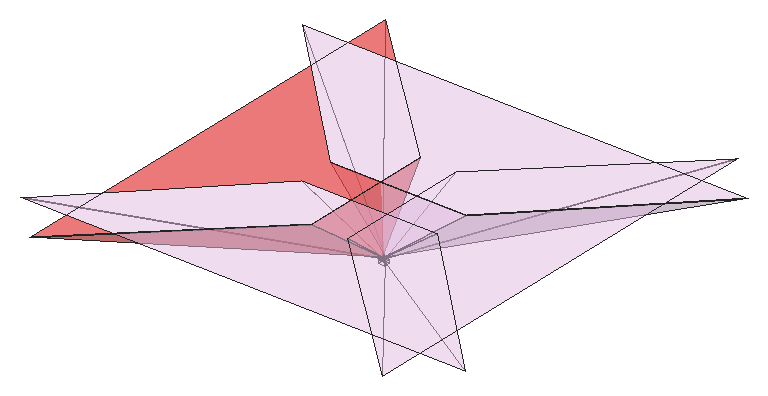
Revit family "Camera-Security-iPRO-FixedDome-Outdoor-MultiSensor-4x4K-Vandal_Resistant-Weatherproof-Network-S8574SeriesX", category Security Devices, host Face, Revit 2020
Family settings
  Host = Face
  Maintain Annotation Orientation = No
  Round Connector Dimension = Use Diameter
  Part Type = Normal
  OmniClass Number = 23.85.10.14.11
  OmniClass Title = Cameras
  Cut with Voids When Loaded = No
  Shared = No
  Room Calculation Point = No
Parameters (values of type "WV-S8574L")
  Yawing Range for each Sensor = "-90 to +90"  # constant formula
  Wide Dynamic Range = (1 = 1)  # yes
  Water and Dust Resistance = "IP67/IP66 (IEC 60529), Type 4X (UL50E), NEMA 4X compliant"  # constant formula
  Voltage = 54 V  # constant formula
  Tilting Range = "+10 to +105"  # constant formula
  Shock Resistance = "IK10 (IEC 62262)"  # constant formula
  SDXC SDHC SD Memory Card Slot = (1 = 1)  # yes
  Power Supply Type = "PoE+"  # constant formula
  Panning Range for each Sensor = "-30 to +30"  # constant formula
  Mobile Terminal Compatibility = "iPad, iPhone, Android™ terminals"  # constant formula
  Dome Cover Ring Material [instance] = Plastic, Opaque Black
  Ceiling Floor Distance Offset [instance] = if(and(On Ceiling, not(On Wall)), z Camera Bottom Vertical Offset, if(and(not(On Ceiling), On Wall), 6.3189", z Camera Bottom Vertical Offset))  # 0.000"
  Camera Type = 8574
  C4 z Yaw Actual Safe [instance] = if(C4 Yaw Actual = -180.00°, 180.00°, C4 Yaw Actual)  # 0.00°
  C4 z Yaw Actual [instance] = if(z Direction = 0, 180.00°, 0.00°)  # 180.00°
  C4 z Tilt Actual [instance] = C4 Tilt Actual  # 45.00°
  C4 z Pan Actual Safe [instance] = if(C4 Pan Actual = -180.00°, 180.00°, C4 Pan Actual)  # 0.00°
  C4 z Pan Actual [instance] = C4 Pan Actual  # 0.00°
  C4 Yaw Desired [instance] = 0.00°
  C4 Yaw Actual [instance] = if(C4 Yaw Desired > C1234 Yaw Max, C1234 Yaw Max, if(C4 Yaw Desired < C1234 Yaw Min, C1234 Yaw Min, C4 Yaw Desired))  # 0.00°
  C4 Tilt Desired [instance] = 45.00°
  C4 Tilt Actual [instance] = if(C4 Tilt Desired > C1234 Tilt Max, C1234 Tilt Max, if(C4 Tilt Desired < C1234 Tilt Min, C1234 Tilt Min, C4 Tilt Desired))  # 45.00°
  C4 Pan Desired [instance] = 0.00°
  C4 Pan Actual [instance] = if(C4 Pan Desired > C1234 Pan Max, C1234 Pan Max, if(C4 Pan Desired < C1234 Pan Min, C1234 Pan Min, C4 Pan Desired))  # 0.00°
  C3 z Yaw Actual Safe [instance] = if(C3 Yaw Actual = -180.00°, 180.00°, C3 Yaw Actual)  # 0.00°
  C3 z Yaw Actual [instance] = if(z Direction = 0, 180.00°, 0.00°)  # 180.00°
  C3 z Tilt Actual [instance] = C3 Tilt Actual  # 45.00°
  C3 z Pan Actual Safe [instance] = if(C3 Pan Actual = -180.00°, 180.00°, C3 Pan Actual)  # 0.00°
  C3 z Pan Actual [instance] = C3 Pan Actual  # 0.00°
  C3 Yaw Desired [instance] = 0.00°
  C3 Yaw Actual [instance] = if(C3 Yaw Desired > C1234 Yaw Max, C1234 Yaw Max, if(C3 Yaw Desired < C1234 Yaw Min, C1234 Yaw Min, C3 Yaw Desired))  # 0.00°
  C3 Tilt Desired [instance] = 45.00°
  C3 Tilt Actual [instance] = if(C3 Tilt Desired > C1234 Tilt Max, C1234 Tilt Max, if(C3 Tilt Desired < C1234 Tilt Min, C1234 Tilt Min, C3 Tilt Desired))  # 45.00°
  C3 Pan Desired [instance] = 0.00°
  C3 Pan Actual [instance] = if(C3 Pan Desired > C1234 Pan Max, C1234 Pan Max, if(C3 Pan Desired < C1234 Pan Min, C1234 Pan Min, C3 Pan Desired))  # 0.00°
  C2 z Yaw Actual Safe [instance] = if(C2 Yaw Actual = -180.00°, 180.00°, C2 Yaw Actual)  # 0.00°
  C2 z Yaw Actual [instance] = if(z Direction = 0, 180.00°, 0.00°)  # 180.00°
  C2 z Tilt Actual [instance] = C2 Tilt Actual  # 45.00°
  C2 z Pan Actual Safe [instance] = if(C2 Pan Actual = -180.00°, 180.00°, C2 Pan Actual)  # 0.00°
  C2 z Pan Actual [instance] = C2 Pan Actual  # 0.00°
  C2 Yaw Desired [instance] = 0.00°
  C2 Yaw Actual [instance] = if(C2 Yaw Desired > C1234 Yaw Max, C1234 Yaw Max, if(C2 Yaw Desired < C1234 Yaw Min, C1234 Yaw Min, C2 Yaw Desired))  # 0.00°
  C2 Tilt Desired [instance] = 45.00°
  C2 Tilt Actual [instance] = if(C2 Tilt Desired > C1234 Tilt Max, C1234 Tilt Max, if(C2 Tilt Desired < C1234 Tilt Min, C1234 Tilt Min, C2 Tilt Desired))  # 45.00°
  C2 Pan Desired [instance] = 0.00°
  C2 Pan Actual [instance] = if(C2 Pan Desired > C1234 Pan Max, C1234 Pan Max, if(C2 Pan Desired < C1234 Pan Min, C1234 Pan Min, C2 Pan Desired))  # 0.00°
  C1234 VV Horizontal Offset = 2.61811"  # constant formula
  C1234 VV Viewpoint Depth = 1.15354"  # constant formula
  C1 Yaw Desired [instance] = 0.00°
  C1 Yaw Actual [instance] = if(C1 Yaw Desired > C1234 Yaw Max, C1234 Yaw Max, if(C1 Yaw Desired < C1234 Yaw Min, C1234 Yaw Min, C1 Yaw Desired))  # 0.00°
  C1234 VV Origin Height [instance] = 2.13386"  # constant formula
  C1 z Yaw Actual Safe [instance] = if(C1 Yaw Actual = -180.00°, 180.00°, C1 Yaw Actual)  # 0.00°
  C1 z Tilt Actual [instance] = C1 Tilt Actual  # 45.00°
  C1 z Pan Actual Safe [instance] = if(C1 Pan Actual = -180.00°, 180.00°, C1 Pan Actual)  # 0.00°
  C1 z Pan Actual [instance] = C1 Pan Actual  # 0.00°
  C1234 HFOV Ratio [instance] = if(Camera Type = 8530, (C1234 Horizontal FOV Actual - C1234 Horizontal FOV Min) / (C1234 Horizontal FOV Max - C1234 Horizontal FOV Min), 1)  # 1
  z Direction [instance] = if((if(On Wall, 1, 0) + if(On Ceiling, 1, 0)) = 1, if(On Ceiling, 0, 1), 0)  # 0
  z Camera Tilt Angle [instance] = 0.00°  # constant formula
  z Camera Tilt Handle Length = 2.75591"
  z Camera Pan Handle Length = 7.87402"
  z Camera Pan Axis Length = 3.93701"
  C1234 Yaw Min = -90.00°  # constant formula
  C1234 Yaw Max = 90.00°  # constant formula
  Wall Bracket Visible [instance] = (1 = 0)  # no
  Dome Material [instance] = Glass - i-Pro  Black
  Camera Pan Angle = 0.00°
  z Camera Bottom Vertical Offset [instance] = if(and(On Ceiling, not(Has Base Bracket), not(On Wall)), 0.000", if(and(On Ceiling, Has Base Bracket, not(On Wall)), 0.59055", if(and(not(On Ceiling), On Wall), 9.44882", 0.000")))  # 0.000"
  z Camera Bottom Horizontal Offset [instance] = if(and(On Wall, not(On Ceiling)), 6.3189", 0.000")  # 0.000"
  z Base Height = 0.59055"  # constant formula
  C1 z Yaw Actual [instance] = if(z Direction = 0, 180.00°, 0.00°)  # 180.00°
  Weight = 7.28 lbf  # constant formula
  C1234 Vertical FOV Min [instance] = C1234 Vertical FOV Max  # 56.00°
  C1234 Vertical FOV Max [instance] = 56.00°  # constant formula
  C1234 Vertical FOV Actual [instance] = C1234 HFOV Ratio * (C1234 Vertical FOV Max - C1234 Vertical FOV Min) + C1234 Vertical FOV Min  # 56.00°
  URL = "https://i-pro.com/corp/en/"
  C1234 Tilt Min = 10.00°  # constant formula
  C1234 Tilt Max = 105.00°  # constant formula
  C1 Tilt Desired [instance] = 45.00°
  C1 Tilt Actual [instance] = if(C1 Tilt Desired > C1234 Tilt Max, C1234 Tilt Max, if(C1 Tilt Desired < C1234 Tilt Min, C1234 Tilt Min, C1 Tilt Desired))  # 45.00°
  Storage Temperature = Operational Temperature  # "–40 °C to +60 °C7 {–40 °F to 140 °F}"
  Show View Volume [instance] = yes
  Regulatory Compliance = "UL (UL62368-1), c-UL (CSA C22.2 No.62368-1), CE, IEC62368-1, FCC (Part15 ClassA), ICES-003 ClassA, EN55032 ClassA, EN55024"  # constant formula
  Provide Feedback = "https://i-pro.com/corp/en/contact-list/"
  Product Page URL = "https://i-pro.com/global/en/surveillance/products/wv-s8574l"
  Product Material [instance] = Paint - i-Pro White
  Product Documentation Link = "https://bizpartner.panasonic.net/public/ppr/product/11830?accordion_tab=1140"
  Power Active = 25.4 W  # constant formula
  Part Number = Model  # "WV-S8574L"
  Part Description = Description  # "Security Camera, Dome, Vandal Resistant, Waterproof Network, 4 x 4K Ultra HD Multi-Sensor, WV-S8574L"
  C1234 Pan Min = -30.00°  # constant formula
  C1234 Pan Max = 30.00°  # constant formula
  C1 Pan Desired [instance] = 0.00°
  C1 Pan Actual [instance] = if(C1 Pan Desired > C1234 Pan Max, C1234 Pan Max, if(C1 Pan Desired < C1234 Pan Min, C1234 Pan Min, C1 Pan Desired))  # 0.00°
  Original Creation Date = "2022/07/28"  # constant formula
  Operational Temperature = "–40 °C to +60 °C7 {–40 °F to 140 °F}"  # constant formula
  Operational Humidity = "10 to 100 % (no condensation)"  # constant formula
  On Wall [instance] = not(On Ceiling)  # no
  On Ceiling [instance] = (1 = 1)  # yes
  Mounting Positions = "Mount Dependent or Surface Mount"  # constant formula
  Model Disclaimer = "Contact i-PRO for more information"  # constant formula
  Model = "WV-S8574L"
  Minimum Illumination = 0.084 lx  # constant formula
  Manufacturer = "i-PRO Co., Ltd."  # constant formula
  Indoor Or Outdoor = "Outdoor"  # constant formula
  IP Or Analog = "IP"  # constant formula
  C1234 Horizontal FOV Min [instance] = C1234 Horizontal FOV Max  # 108.00°
  C1234 Horizontal FOV Max [instance] = 108.00°  # constant formula
  C1234 Horizontal FOV Actual [instance] = 108.00°  # constant formula
  Height = 3.54331"  # constant formula
  Has POE = (1 = 1)  # yes
  Has Base Bracket [instance] = no
  Family Version = "1.0.0"  # constant formula
  Equipment Number [instance] = ""
  Equipment Abbreviation = "SC"  # constant formula
  Distance to Screen [instance] = 393.70079"
  Distance to Floor [instance] = 118.11024"
  Distance to Ceiling [instance] = 0.000"
  Diameter = 11.81102"  # constant formula
  Description = "Security Camera, Dome, Vandal Resistant, Waterproof Network, 4 x 4K Ultra HD Multi-Sensor, WV-S8574L"  # constant formula
  Default Elevation = 0.000"
  Day Or Night = "Yes"  # constant formula
  Date Last Modified = "2022/07/28"  # constant formula
  Copyright = "Copyright © i-PRO Co., Ltd."  # constant formula
  Communication Ports = "10Base-T / 100Base-TX / 1000Base-T, RJ45 connector"  # constant formula
  Bracket Variation Color [instance] = Paint - i-Pro White
  Base Visible [instance] = and(On Ceiling, not(On Wall), Has Base Bracket)  # no
  C1234 Aspect Ratio 4_3 [instance] = not(C1234 Aspect Ratio 16_9)  # no
  C1234 Aspect Ratio 16_9 [instance] = (1 = 1)  # yes
  Audio Out = "Yes"  # constant formula
  Audio In = "Yes"  # constant formula
  Angle Of View = "108"  # constant formula
  Alarm Input Or Output = "ALARM IN 1 (Alarm input 1/ Black & white input/ Auto time adjustment input) (x1), ALARM IN 2 (Alarm input 2/ ALARM OUT) (x1), ALARM IN 3 (Alarm input 3/ ALARM OUT/ AUX OUT) (x1)"  # constant formula
Reference planes (in)
  plane 1 "Center (Front/Back)": y = 0
  plane 2: z = 0
  plane 3 "Center (Left/Right)": x = 0
  plane 4: z = 0
  plane 5: y = 0
Forms (in)
  Extrusion 1, solid, material "Glass"
    sketch origin (0, 0, 0) x (1, 0, 0) y (0, 1, 0)
      loop
        line (-7.08661, 6.85016) -> (-7.08661, -7.02141) -> (7.02141, -7.02141) -> (7.02141, 6.85016) -> (-7.08661, 6.85016)
    from 0 to -7.78407
  Revolve 2, solid, not visible
    sketch origin (0, 0, 0) x (0, 1, 0) y (0, 0, 1)
      loop
        line (0, 0) -> (0.98425, 0) -> (0.98425, 0.3937) -> (0, 0.3937) -> (0, 0)
      axis (0, 0) -> (0, 0.3937)
    angle from 0 to 360
Lines and regions (in)
  Masking region 1, not visible
    outline origin (0, 0, 0) x (1, 0, 0) y (0, 1, 0)
      loop
        circle (0, 0) r 0.03937
  reference lines
    curve 1: line (0, 0, 0) -> (0, 0, 2.75591)
Dimensions and locks (in)
  "z Camera Bottom Vertical Offset": plane 4 to level
  "z Camera Bottom Horizontal Offset": plane 5 to plane 1 "Center (Front/Back)"
  "z Camera Tilt Handle Length": curve 1 to curve 1
  locked: Masking region 1 sketch curve to Masking region 1 sketch curve (radius 0.03937")
  "z Camera Tilt Angle": angle plane 5 to curve 1
  aligned and locked: plane 2 to Extrusion 1
  aligned and locked: level to Extrusion 1
  aligned and locked: plane 5 to curve 1
  aligned and locked: plane 4 to curve 1
Automatic sketch dimensions
  Extrusion 1 sketch curve to Extrusion 1 sketch curve = 14.10803"
  Extrusion 1 sketch curve to Extrusion 1 sketch curve = 13.87157"
  plane 1 "Center (Front/Back)" to Masking region 1 sketch curve = 0.000"
  Masking region 1 sketch curve to plane 3 "Center (Left/Right)" = 0.000"
  Revolve 2 sketch curve to plane 1 "Center (Front/Back)" = 0.000"
  Revolve 2 sketch curve to level = 0.000"
  level to Revolve 2 sketch curve = 0.3937"
  Revolve 2 sketch curve to Revolve 2 sketch curve = 0.98425"
Nested families (in)
  nested 1: "CameraSymbol_Dome" at (0, 0, 0), Tilt <- "C1 Tilt Actual", Pan <- "C1 Pan Actual", On Wall <- "On Wall", type "CameraSymbol_Dome", not visible
    with z Pan 180.00°, Tilt 45.00°, Pan 0.00°, On Wall no
  nested 2: "Base Cover" at (0, 0, 0), Product Material <- "Product Material", visible <- "Has Base Bracket", Base Cover Height <- "z Base Height", Base Visible <- "Base Visible", type "Base Cover"
    with Product Material Paint - i-Pro White, Base Visible no, Base Cover Top Diameter 5.86614", Base Cover Height 0.59055", Base Cover Bottom Diameter 5.90551"
  nested 3: "Camera Body" at (0, 0, 0), Product Material <- "Product Material", Doom Material <- "Dome Material", On Ceiling <- "On Ceiling", On Wall <- "On Wall", C1 Pan Angle <- "C2 z Pan Actual Safe", C1 Tilt Angle <- "C2 z Tilt Actual", C1 Yaw Angle <- "C2 z Yaw Actual Safe", C123 VV Horizontal Offset <- "C1234 VV Horizontal Offset", C123 VV Origin Height <- "C1234 VV Origin Height", C123 VV Viewpoint Depth <- "C1234 VV Viewpoint Depth", Distance to Ceiling <- "Distance to Ceiling", Doom Cover Ring Material <- "Dome Cover Ring Material", C2 Pan Angle <- "C3 z Pan Actual Safe", C2 Tilt Angle <- "C3 z Tilt Actual", C2 Yaw Angle <- "C3 z Yaw Actual Safe", C3 Pan Angle <- "C4 z Pan Actual Safe", C3 Tilt Angle <- "C4 z Tilt Actual", C3 Yaw Angle <- "C4 z Yaw Actual Safe", C4 Pan Angle <- "C1 z Pan Actual Safe", C4 Tilt Angle <- "C1 z Tilt Actual", C4 Yaw Angle <- "C1 z Yaw Actual Safe", C4 VFOV <- "C1234 Vertical FOV Actual", Show View Volume <- "Show View Volume", C123 Aspect Ratio 16_9 <- "C1234 Aspect Ratio 16_9", C123 Aspect Ratio 4_3 <- "C1234 Aspect Ratio 4_3", C123 HFOV <- "C1234 Horizontal FOV Actual", C123 VFOV <- "C1234 Vertical FOV Actual", Ceiling Distance Offset <- "Ceiling Floor Distance Offset", Floor Distance Offset <- "Ceiling Floor Distance Offset", Distance to Floor <- "Distance to Floor", C4 Aspect Ratio 16_9 <- "C1234 Aspect Ratio 16_9", C4 Aspect Ratio 4_3 <- "C1234 Aspect Ratio 4_3", C4 HFOV <- "C1234 Horizontal FOV Actual", C4 VV Horizontal Offset <- "C1234 VV Horizontal Offset", C4 VV Origin Height <- "C1234 VV Origin Height", C4 VV Viewpoint Depth <- "C1234 VV Viewpoint Depth", Distance to Screen <- "Distance to Screen", type "Camera Body Rotation"
    with Show View Volume yes, Product Material Paint - i-Pro White, On Wall no, On Ceiling yes, Floor Distance Offset 0.000", Doom Material Glass - i-Pro  Black, Doom Cover Ring Material Plastic, Opaque Black, Distance to Screen 393.70079", Distance to Floor Revised 118.11024", Distance to Floor 118.11024", Distance to Ceiling Revised 0.000", Distance to Ceiling 0.000", Ceiling Distance Offset 0.000", C4 Yaw Angle 0.00°, C4 VV Viewpoint Depth 1.15354", C4 VV Origin Height 2.13386", C4 VV Horizontal Offset 2.61811", C4 VFOV 56.00°, C4 Tilt Angle 45.00°, C4 Pan Angle 0.00°, C4 HFOV 108.00°, C4 Aspect Ratio 4_3 no, C4 Aspect Ratio 16_9 yes, C3 Yaw Angle 0.00°, C3 Tilt Angle 45.00°, C3 Pan Angle 0.00°, C2 Yaw Angle 0.00°, C2 Tilt Angle 45.00°, C2 Pan Angle 0.00°, C123 VV Viewpoint Depth 1.15354", C123 VV Origin Height 2.13386", C123 VV Horizontal Offset 2.61811", C123 VFOV 56.00°, C123 HFOV 108.00°, C123 Aspect Ratio 4_3 no, C123 Aspect Ratio 16_9 yes, C1 Yaw Angle 0.00°, C1 Tilt Angle 45.00°, C1 Pan Angle 0.00°
Connectors (in)
  electrical at (0, 0, 0)
    settings: on Revolve 2, index 1, voltage 0 V, apparent load 0.0 W, apparent load phase1 0.0 W, apparent load phase2 0.0 W, apparent load phase3 0.0 W, power factor 1, load classification "Other", number of poles 1, system type 5, power factor state 1, is connector primary yes, connector utility no, sub classification motor no, connector description "Data Connection"
  electrical at (0, 0, 0), driven by "Voltage", driven by "Power Active"
    settings: on Revolve 2, index 2, voltage 54 V, apparent load 25.4 W, apparent load phase1 0.0 W, apparent load phase2 0.0 W, apparent load phase3 0.0 W, power factor 1, load classification "Other", number of poles 1, system type 30, power factor state 1, is connector primary no, connector utility no, sub classification motor no, connector description "Electrical Connection"
Definition of nested family "Camera Body"
  Parameters (values of type "Camera Body Rotation")
    Show View Volume [instance] = yes
    On Wall [instance] = no
    On Ceiling [instance] = yes
    Floor Distance Offset [instance] = 0.000"
    Doom Cover Ring Material [instance] = none
    Distance to Floor Revised [instance] = if(Distance to Floor < 0.000", 0.000", Distance to Floor)  # 118.11024"
    Distance to Ceiling Revised [instance] = if(Distance to Ceiling < 0.000", 0.000", Distance to Ceiling)  # 0.000"
    Ceiling Distance Offset [instance] = 0.000"
    C4 Yaw Angle [instance] = 0.00°
    C4 VV Viewpoint Depth [instance] = 2.79134"
    C4 VV Origin Height [instance] = 2.13386"
    C4 VV Horizontal Offset [instance] = 0.000"
    C4 VFOV [instance] = 30.00°
    C4 Tilt Angle [instance] = 45.00°
    C4 Pan Angle [instance] = 0.00°
    C4 HFOV [instance] = 60.00°
    C4 Aspect Ratio 4_3 [instance] = no
    C4 Aspect Ratio 16_9 [instance] = yes
    C3 Yaw Angle [instance] = 0.00°
    C3 Tilt Angle [instance] = 45.00°
    C3 Pan Angle [instance] = 0.00°
    C2 Yaw Angle [instance] = 0.00°
    C2 Tilt Angle [instance] = 45.00°
    C2 Pan Angle [instance] = 0.00°
    C123 VV Viewpoint Depth [instance] = 2.03543"
    C123 VV Origin Height [instance] = 2.13386"
    C123 VV Horizontal Offset [instance] = 0.77165"
    Product Material [instance] = none
    Doom Radius = 3.14961"
    Doom Material [instance] = none
    Doom Bottom Height = 4.56693"
    Default Elevation = 48.000"
    Camera Body Height = 3.54331"
    C1 Yaw Angle [instance] = 0.00°
    C123 VFOV [instance] = 30.00°
    C1 Tilt Angle [instance] = 45.00°
    Distance to Screen [instance] = 393.70079"
    C1 Pan Angle [instance] = 0.00°
    C123 HFOV [instance] = 60.00°
    Distance to Floor [instance] = 118.11024"
    Distance to Ceiling [instance] = 0.000"
    C123 Aspect Ratio 4_3 [instance] = no
    C123 Aspect Ratio 16_9 [instance] = yes
  Reference planes (in)
    plane 1 "Center (Front/Back)": y = 0
    plane 2: z = 0
    plane 3 "Center (Left/Right)": x = 0
    plane 4: z = 3.54331
    plane 5: y = 5.90551
    plane 6: y = 3.05118
    plane 7: z = 1.98425
    plane 8: y = 3.14961
    plane 9: z = 2.13386
    plane 10: z = 2.13386
    plane 11: z = 0.21654
  Forms (in)
    Extrusion 1, solid
      sketch origin (0, 0, 0) x (1, 0, 0) y (0, 1, 0)
        loop
          line (-48, 48) -> (-48, -48) -> (48, -48) -> (48, 48) -> (-48, 48)
      from 0 to -12
    Revolve 2, solid, material <- "Product Material"
      sketch origin (0, 0, 0) x (0, 1, 0) y (0, 0, 1)
        loop
          line (0, 0) -> (5.90551, 0) -> (5.77291, 1.51565) -> (4.33071, 1.98425) -> (0, 1.98425) -> (0, 0)
        axis (0, 0) -> (0, 1.98425)
      angle from 0 to 360
    Revolve 3, solid, material <- "Doom Material"
      sketch origin (0, 0, 0) x (0, 1, 0) y (0, 0, 1)
        loop
          line (0, 1.98425) -> (4.13386, 1.98425) -> (4.13386, 2.55906)
          arc (4.13386, 2.55906) -> (3.84558, 3.25503) -> (3.14961, 3.54331) r 0.98425
          line (3.14961, 3.54331) -> (0, 3.54331) -> (0, 1.98425)
        axis (0, 1.98425) -> (0, 3.54331)
      angle from 0 to 360
  Dimensions and locks (in)
    "Camera Body Height": plane 4 to level
    plane 1 "Center (Front/Back)" to plane 5 = 5.90551"
    locked: plane 1 "Center (Front/Back)" to plane 6 at 3.05118
    locked: plane 7 to level at 1.98425
    "Doom Radius": plane 1 "Center (Front/Back)" to plane 8
    "C123 VV Origin Height": plane 9 to level
    "C4 VV Origin Height": plane 10 to level
    locked: plane 11 to level at 0.21654
    aligned and locked: plane 2 to Extrusion 1
    aligned and locked: level to Extrusion 1
    aligned and locked: Revolve 3 sketch curve to plane 4
  Automatic sketch dimensions
    Extrusion 1 sketch curve to Extrusion 1 sketch curve = 96.000"  (x2)
    Revolve 2 sketch curve to level = 0.000"
    Revolve 2 sketch curve to plane 1 "Center (Front/Back)" = 0.000"  (x2)
    Revolve 2 sketch curve to plane 7 = 0.000"
    Revolve 2 sketch curve to plane 5 = 0.000"
    Revolve 2 sketch curve to plane 8 = 1.1811"
    Revolve 2 sketch curve to plane 5 = 0.1326"
    Revolve 2 sketch curve to Revolve 2 sketch curve = 24.000"
    Revolve 2 sketch curve to plane 7 = 0.4686"
    plane 4 to Revolve 2 sketch curve = 60.05041"
    Revolve 3 sketch curve to plane 1 "Center (Front/Back)" = 0.000"  (x2)
    Revolve 3 sketch curve to plane 8 = 0.000"
    Revolve 3 sketch curve to plane 7 = 0.000"
    Revolve 3 sketch curve to plane 8 = 0.98425"
    Revolve 3 sketch curve to level = 24.000"
    plane 4 to Revolve 3 sketch curve = 89.08688"
  Nested families (in)
    nested 1: "FOV4" at (0, 0, 2.13386) x (0, -1, 0) z (0, 0, 1), Ceiling Distance <- "Distance to Ceiling Revised", Floor Distance <- "Distance to Floor Revised", HFOV <- "C4 HFOV", On Ceiling <- "On Ceiling", On Wall <- "On Wall", Pan <- "C4 Pan Angle", Screen Depth <- "Distance to Screen", Tilt <- "C4 Tilt Angle", VFOV <- "C4 VFOV", Viewpoint Depth <- "C4 VV Viewpoint Depth", Viewpoint Origin Horizontal Offset <- "C4 VV Horizontal Offset", Yaw <- "C4 Yaw Angle", visible <- "Show View Volume", Ceiling Distance Offset <- "Ceiling Distance Offset", Floor Distance Offset <- "Floor Distance Offset", Base Height Offset <- "C4 VV Origin Height", type "FOV4"
      with z Yaw Actual 0.00°, z Void Width 2044.84273", z Void Thickness 795.11811", z Void Height Start -1022.42137", z Void Height End 1022.42137", z Void Direction 0, z Void Angle 0.00°, z Viewpoint Depth 2.79134", z Tilt Actual 45.00°, z Target Width 90.9213", z Target Visible yes, z Target Height 42.19672", z Target Depth 81.5315", z Screen Width 454.60651", z Screen Height 210.98362", z Screen Depth 396.49213", z Pan Actual 0.00°, z Floor Distance 118.11024", z Ceiling Distance 0.000", Yaw 0.00°, Viewpoint Origin Horizontal Offset 0.000", Viewpoint Depth 2.79134", VFOV 30.00°, Tilt 45.00°, Target Depth 78.74016", Screen Depth 393.70079", Pan 0.00°, On Wall no, On Floor no, On Default Mount Type 0, On Ceiling yes, HFOV 60.00°, Floor Distance Offset 0.000", Floor Distance 118.11024", Ceiling Distance Offset 0.000", Ceiling Distance 0.000", Base Height Offset 2.13386", Base Angle Offset 0.00°
    nested 2: "FOV1" at (0, 0, 2.13386), Ceiling Distance <- "Distance to Ceiling Revised", Floor Distance <- "Distance to Floor Revised", HFOV <- "C123 HFOV", On Ceiling <- "On Ceiling", On Wall <- "On Wall", Pan <- "C1 Pan Angle", Screen Depth <- "Distance to Screen", Tilt <- "C1 Tilt Angle", VFOV <- "C123 VFOV", Viewpoint Depth <- "C123 VV Viewpoint Depth", Viewpoint Origin Horizontal Offset <- "C123 VV Horizontal Offset", Yaw <- "C1 Yaw Angle", visible <- "Show View Volume", Base Height Offset <- "C123 VV Origin Height", Ceiling Distance Offset <- "Ceiling Distance Offset", Floor Distance Offset <- "Floor Distance Offset", type "FOV1"
      with z Yaw Actual 0.00°, z Void Width 2042.59076", z Void Thickness 793.6063", z Void Height Start -1021.29538", z Void Height End 1021.29538", z Void Direction 0, z Void Angle 0.00°, z Viewpoint Depth 2.03543", z Tilt Actual 45.00°, z Target Width 90.9213", z Target Visible yes, z Target Height 42.19672", z Target Depth 80.77559", z Screen Width 454.60651", z Screen Height 210.98362", z Screen Depth 395.73622", z Pan Actual 0.00°, z Floor Distance 118.11024", z Ceiling Distance 0.000", Yaw 0.00°, Viewpoint Origin Horizontal Offset 0.77165", Viewpoint Depth 2.03543", VFOV 30.00°, Tilt 45.00°, Target Depth 78.74016", Screen Depth 393.70079", Pan 0.00°, On Wall no, On Floor no, On Default Mount Type 0, On Ceiling yes, HFOV 60.00°, Floor Distance Offset 0.000", Floor Distance 118.11024", Ceiling Distance Offset 0.000", Ceiling Distance 0.000", Base Height Offset 2.13386", Base Angle Offset 0.00°
    nested 3: "FOV2" at (0, 0, 2.13386) x (0, 1, 0) z (0, 0, 1), Ceiling Distance <- "Distance to Ceiling Revised", Floor Distance <- "Distance to Floor Revised", On Ceiling <- "On Ceiling", On Wall <- "On Wall", Pan <- "C2 Pan Angle", Screen Depth <- "Distance to Screen", Tilt <- "C2 Tilt Angle", Viewpoint Depth <- "C123 VV Viewpoint Depth", Viewpoint Origin Horizontal Offset <- "C123 VV Horizontal Offset", Yaw <- "C2 Yaw Angle", visible <- "Show View Volume", HFOV <- "C123 HFOV", VFOV <- "C123 VFOV", Base Height Offset <- "C123 VV Origin Height", Ceiling Distance Offset <- "Ceiling Distance Offset", Floor Distance Offset <- "Floor Distance Offset", type "FOV2"
      with z Yaw Actual 0.00°, z Void Width 2042.59076", z Void Thickness 793.6063", z Void Height Start -1021.29538", z Void Height End 1021.29538", z Void Direction 0, z Void Angle 0.00°, z Viewpoint Depth 2.03543", z Tilt Actual 45.00°, z Target Width 90.9213", z Target Visible yes, z Target Height 42.19672", z Target Depth 80.77559", z Screen Width 454.60651", z Screen Height 210.98362", z Screen Depth 395.73622", z Pan Actual 0.00°, z Floor Distance 118.11024", z Ceiling Distance 0.000", Yaw 0.00°, Viewpoint Origin Horizontal Offset 0.77165", Viewpoint Depth 2.03543", VFOV 30.00°, Tilt 45.00°, Target Depth 78.74016", Screen Depth 393.70079", Pan 0.00°, On Wall no, On Floor no, On Default Mount Type 0, On Ceiling yes, HFOV 60.00°, Floor Distance Offset 0.000", Floor Distance 118.11024", Ceiling Distance Offset 0.000", Ceiling Distance 0.000", Base Height Offset 2.13386", Base Angle Offset 0.00°
    nested 4: "FOV3" at (0, 0, 2.13386) x (-1, 0, 0) z (0, 0, 1), Ceiling Distance <- "Distance to Ceiling Revised", Floor Distance <- "Distance to Floor Revised", On Ceiling <- "On Ceiling", On Wall <- "On Wall", Pan <- "C3 Pan Angle", Screen Depth <- "Distance to Screen", Tilt <- "C3 Tilt Angle", Viewpoint Depth <- "C123 VV Viewpoint Depth", Viewpoint Origin Horizontal Offset <- "C123 VV Horizontal Offset", Yaw <- "C3 Yaw Angle", visible <- "Show View Volume", HFOV <- "C123 HFOV", VFOV <- "C123 VFOV", Base Height Offset <- "C123 VV Origin Height", Floor Distance Offset <- "Floor Distance Offset", Ceiling Distance Offset <- "Ceiling Distance Offset", type "FOV3"
      with z Yaw Actual 0.00°, z Void Width 2042.59076", z Void Thickness 793.6063", z Void Height Start -1021.29538", z Void Height End 1021.29538", z Void Direction 0, z Void Angle 0.00°, z Viewpoint Depth 2.03543", z Tilt Actual 45.00°, z Target Width 90.9213", z Target Visible yes, z Target Height 42.19672", z Target Depth 80.77559", z Screen Width 454.60651", z Screen Height 210.98362", z Screen Depth 395.73622", z Pan Actual 0.00°, z Floor Distance 118.11024", z Ceiling Distance 0.000", Yaw 0.00°, Viewpoint Origin Horizontal Offset 0.77165", Viewpoint Depth 2.03543", VFOV 30.00°, Tilt 45.00°, Target Depth 78.74016", Screen Depth 393.70079", Pan 0.00°, On Wall no, On Floor no, On Default Mount Type 0, On Ceiling yes, HFOV 60.00°, Floor Distance Offset 0.000", Floor Distance 118.11024", Ceiling Distance Offset 0.000", Ceiling Distance 0.000", Base Height Offset 2.13386", Base Angle Offset 0.00°
  Definition of nested family "FOV4"
    Parameters (values of type "FOV4")
      z Yaw Actual [instance] = if(Yaw < 0.00°, 360.00° - (abs(Yaw) - rounddown(abs(Yaw) / 360.00°) * 360.00°), Yaw - rounddown(Yaw / 360.00°) * 360.00°)  # 0.00°
      z Void Width [instance] = if(z Screen Width > z Screen Height, z Screen Width, z Screen Height) + abs(Viewpoint Origin Horizontal Offset) + z Void Thickness * 2  # 2064.84273"
      z Void Thickness [instance] = z Screen Depth * 2 + abs(Base Height Offset)  # 805.11811"
      z Void Height Start [instance] = -z Void Width / 2  # -1032.42137"
      z Void Height End [instance] = z Void Width / 2  # 1032.42137"
      z Void Direction [instance] = if((if(On Wall, 1, 0) + if(On Floor, 1, 0) + if(On Ceiling, 1, 0)) = 1, if(On Ceiling, 0, if(On Wall, 1, 2)), On Default Mount Type)  # 0
      z Viewpoint Depth [instance] = if(Viewpoint Depth < 0.03937", 0.03937", Viewpoint Depth)  # 5.90551"
      z Tilt Actual [instance] = if(Tilt < 0.00°, 360.00° - (abs(Tilt) - rounddown(abs(Tilt) / 360.00°) * 360.00°), Tilt - rounddown(Tilt / 360.00°) * 360.00°)  # 45.00°
      z Target Visible [instance] = not(Screen Depth < Target Depth)  # yes
      z Target Thickness Start = -z Target Thickness / 2  # -0.03937"
      z Target Thickness End = z Target Thickness / 2  # 0.03937"
      z Target Depth [instance] = Target Depth + Viewpoint Depth  # 84.64567"
      z Pan Actual [instance] = if(Pan < 0.00°, 360.00° - (abs(Pan) - rounddown(abs(Pan) / 360.00°) * 360.00°), Pan - rounddown(Pan / 360.00°) * 360.00°)  # 0.00°
      z Floor Distance [instance] = if(z Void Direction = 2, if(Floor Distance - Floor Distance Offset < 0.000", 0.000", Floor Distance - Floor Distance Offset), if(Floor Distance - Floor Distance Offset < 0.3937", 0.3937", Floor Distance - Floor Distance Offset))  # 118.11024"
      z Const Yaw Base2 Length = 17.32283"  # constant formula
      z Const Tilt Base2 Length = 19.68504"  # constant formula
      z Ceiling Distance [instance] = if(z Void Direction = 2, if(Ceiling Distance + Ceiling Distance Offset < 0.3937", 0.3937", Ceiling Distance + Ceiling Distance Offset), if(Ceiling Distance + Ceiling Distance Offset < 0.000", 0.000", Ceiling Distance + Ceiling Distance Offset))  # 0.000"
      z Const Void Handle Length = 23.62205"  # constant formula
      z Void Angle [instance] = if(z Void Direction = 0, 0.00° + Base Angle Offset, if(z Void Direction = 1, 90.00° + Base Angle Offset, 180.00° + Base Angle Offset))  # 0.00°
      z Screen Depth [instance] = if(Screen Depth < 3.93701", 3.93701" + Viewpoint Depth, Screen Depth + Viewpoint Depth)  # 399.6063"
      Floor Distance Offset [instance] = 0.000"
      Ceiling Distance Offset [instance] = 0.000"
      Original Creation Date = "September, 15, 2016"  # constant formula
      On Default Mount Type [instance] = 0
      Manufacturer = "Panasonic"  # constant formula
      Family Version = "1.0.1"  # constant formula
      Default Elevation = 48.000"
      Date Last Modified = "February, 15, 2017"  # constant formula
      Copyright = "Copyright © Panasonic"  # constant formula
      Base Height Offset [instance] = 5.90551"
      Base Angle Offset [instance] = 0.00°
      z Viewpoint Width = 0.03937"  # constant formula
      z Viewpoint Height = 0.03937"  # constant formula
      VFOV [instance] = 33.75°
      z Target Width [instance] = Target Depth * tan(HFOV / 2) * 2  # 90.9213"
      z Target Thickness = 0.07874"  # constant formula
      z Target Height [instance] = Target Depth * tan(VFOV / 2) * 2  # 47.77113"
      Target Depth [instance] = 78.74016"
      z Screen Width [instance] = (z Screen Depth - Viewpoint Depth) * tan(HFOV / 2) * 2  # 454.60651"
      z Screen Height [instance] = (z Screen Depth - Viewpoint Depth) * tan(VFOV / 2) * 2  # 238.85566"
      Screen Depth [instance] = 393.70079"
      z Const Yaw Handle Length = 9.25197"  # constant formula
      z Const Yaw Base Length = 10.23622"  # constant formula
      Viewpoint Depth [instance] = 5.90551"
      Viewpoint Origin Horizontal Offset [instance] = 0.000"
      z Const Tilt Handle Length = 14.17323"  # constant formula
      z Const Tilt Base Length = 9.84252"  # constant formula
      z Const Pan Handle Length = 19.68504"  # constant formula
      z Const Pan Axis Length = 15.74803"  # constant formula
      On Wall [instance] = no
      On Floor [instance] = no
      On Ceiling [instance] = yes
      HFOV [instance] = 60.00°
      Yaw [instance] = 0.00°
      Tilt [instance] = 45.00°
      Pan [instance] = 0.00°
      Floor Distance [instance] = 118.11024"
      Ceiling Distance [instance] = 0.000"
    Reference planes (in)
      plane 1 "Center (Front/Back)": y = 0
      plane 2: z = 0
      plane 3 "Center (Left/Right)": x = 0
      plane 4 "VoidOffsetBase": z = -5.90551
    Forms (in)
      Extrusion 1, void
        sketch origin (0, 0, -5.90551) x (0, 0, 1) y (0, -1, 0)
          loop
            line (923.22835, 1032.42137) -> (118.11024, 1032.42137) -> (118.11024, -1032.42137) -> (923.22835, -1032.42137) -> (923.22835, 1032.42137)
          loop
            line (0, 1032.42137) -> (-805.11811, 1032.42137) -> (-805.11811, -1032.42137) -> (0, -1032.42137) -> (0, 1032.42137)
        from -1032.42137 <- "z Void Height Start" to 1032.42137 <- "z Void Height End"
      Blend 2, solid
        base sketch origin (0, -4.17583, 4.17583) x (0, 0.707107, 0.707107) y (-1, 0, 0)
          loop
            line (-0.01969, -0.01969) -> (0.01969, -0.01969) -> (0.01969, 0.01969) -> (-0.01969, 0.01969) -> (-0.01969, -0.01969)
        top sketch origin (0, -282.56432, 282.56432) x (0, 0.707107, 0.707107) y (-1, 0, 0)
          loop
            line (-119.42783, -227.30326) -> (119.42783, -227.30326) -> (119.42783, 227.30326) -> (-119.42783, 227.30326) -> (-119.42783, -227.30326)
        from 0 to 0
      Extrusion 3, solid, not visible
        sketch origin (0, -59.85353, 59.85353) x (0, 0.707107, 0.707107) y (-1, 0, 0)
          loop
            line (-23.88557, -45.46065) -> (23.88557, -45.46065) -> (23.88557, 45.46065) -> (-23.88557, 45.46065) -> (-23.88557, -45.46065)
        from -0.03937 <- "z Target Thickness Start" to 0.03937 <- "z Target Thickness End"
    Cuts and joins
      Extrusion 1 cuts Blend 2
      Extrusion 1 cuts Extrusion 3
    Lines and regions (in)
      reference lines
        curve 1: line (0, 0, 0) -> (19.68504, 0, 0)
        curve 2: line (0, 0, -15.74803) -> (0, 0, 0)
        curve 3: line (0, 0, 0) -> (0, -9.84252, 0)
        curve 4: line (0, 0, 0) -> (0, 0, 19.68504)
        curve 5: line (0, -10.02199, 10.02199) -> (0, 0, 0)
        curve 6: line (0, 0, 0) -> (0, 7.2381, 7.2381)
        curve 7: line (0, 0, 0) -> (-17.32283, 0, 0)
        curve 8: line (0, 0, 0) -> (-9.25197, 0, 0)
        curve 9: line (0, -4.17583, 4.17583) -> (0, 0, 0)
        curve 10: line (0, 0, 0) -> (0, -59.85353, 59.85353)
        curve 11: line (0, 0, 0) -> (0, -282.56432, 282.56432)
        curve 12: line (-0.01969, -4.16191, 4.18975) -> (0.01969, -4.16191, 4.18975)
        curve 13: line (-0.01969, -4.18975, 4.16191) -> (0.01969, -4.18975, 4.16191)
        curve 14: line (-0.01969, -4.16191, 4.18975) -> (-0.01969, -4.18975, 4.16191)
        curve 15: line (0.01969, -4.16191, 4.18975) -> (0.01969, -4.18975, 4.16191)
        curve 16: line (-45.46065, -42.96388, 76.74317) -> (45.46065, -42.96388, 76.74317)
        curve 17: line (-45.46065, -76.74317, 42.96388) -> (45.46065, -76.74317, 42.96388)
        curve 18: line (-45.46065, -42.96388, 76.74317) -> (-45.46065, -76.74317, 42.96388)
        curve 19: line (45.46065, -42.96388, 76.74317) -> (45.46065, -76.74317, 42.96388)
        curve 20: line (-227.30326, -198.1161, 367.01255) -> (-227.30326, -367.01255, 198.1161)
        curve 21: line (227.30326, -198.1161, 367.01255) -> (227.30326, -367.01255, 198.1161)
        curve 22: line (-227.30326, -198.1161, 367.01255) -> (227.30326, -198.1161, 367.01255)
        curve 23: line (-227.30326, -367.01255, 198.1161) -> (227.30326, -367.01255, 198.1161)
        curve 24: line (0, 0, -5.90551) -> (0, 0, 17.71654)
        curve 25: line (0, -1032.42137, 917.32283) -> (0, 1032.42137, 917.32283)
        curve 26: line (0, -1032.42137, 112.20472) -> (0, -1032.42137, 917.32283)
        curve 27: line (0, 1032.42137, 112.20472) -> (0, -1032.42137, 112.20472)
        curve 28: line (0, 1032.42137, 917.32283) -> (0, 1032.42137, 112.20472)
        curve 29: line (0, -1032.42137, -5.90551) -> (0, 1032.42137, -5.90551)
        curve 30: line (0, -1032.42137, -811.02362) -> (0, -1032.42137, -5.90551)
        curve 31: line (0, 1032.42137, -811.02362) -> (0, -1032.42137, -811.02362)
        curve 32: line (0, 1032.42137, -5.90551) -> (0, 1032.42137, -811.02362)
    Dimensions and locks (in)
      "z Const Pan Handle Length": curve 1 to curve 1
      "z Const Pan Axis Length": curve 2 to curve 2
      "z Const Tilt Base Length": curve 3 to curve 3
      "z Const Pan Axis Length": curve 1 to curve 2
      "Viewpoint Origin Horizontal Offset": curve 4 to curve 2
      "z Const Tilt Base2 Length": curve 4 to curve 4
      "z Const Tilt Handle Length": curve 5 to curve 5
      "z Const Yaw Base Length": curve 6 to curve 6
      "z Const Yaw Base2 Length": curve 7 to curve 7
      "z Const Yaw Handle Length": curve 8 to curve 8
      "z Viewpoint Depth": curve 9 to curve 9
      "z Target Depth": curve 10 to curve 10
      "z Screen Depth": curve 11 to curve 11
      equal spacing: curve 13, curve 9, curve 12
      "z Viewpoint Height": curve 13 to curve 12
      equal spacing: curve 14, curve 9, curve 15
      "z Viewpoint Width": curve 14 to curve 15
      equal spacing: curve 17, curve 10, curve 16
      "z Target Height": curve 17 to curve 16
      equal spacing: curve 18, curve 10, curve 19
      "z Target Width": curve 18 to curve 19
      equal spacing: curve 20, curve 11, curve 21
      "z Screen Width": curve 20 to curve 21
      equal spacing: curve 23, curve 11, curve 22
      "z Screen Height": curve 23 to curve 22
      "z Const Void Handle Length": curve 24 to curve 24
      equal spacing: curve 26, curve 24, curve 28
      "z Void Width": curve 26 to curve 28
      "z Floor Distance": curve 27 to curve 24
      "z Ceiling Distance": curve 29 to curve 24
      "z Void Thickness": curve 31 to curve 29
      "z Void Thickness": curve 25 to curve 27
      "Base Height Offset": level to plane 4 "VoidOffsetBase"
      locked: curve 3 to curve 2 (angle 90.00°)
      locked: curve 3 to curve 4 (angle 90.00°)
      "z Tilt Actual": angle curve 4 to curve 5
      locked: curve 6 to curve 7 (angle 90.00°)
      locked: curve 6 to curve 5 (angle 90.00°)
      locked: curve 9 to curve 5 (angle 0.00°)
      locked: curve 10 to curve 5 (angle 0.00°)
      locked: curve 11 to curve 5 (angle 0.00°)
      "z Void Angle": angle plane 1 "Center (Front/Back)" to curve 24
      "z Yaw Actual": angle curve 7 to curve 8
      "z Pan Actual": angle plane 1 "Center (Front/Back)" to curve 1
      aligned and locked: level to plane 2
      aligned and locked: curve 2 to curve 1
      aligned and locked: curve 2 to curve 3
      aligned and locked: curve 3 to curve 2
      aligned and locked: curve 3 to curve 5
      aligned and locked: curve 6 to curve 7
      aligned and locked: curve 6 to curve 8
      aligned and locked: curve 8 to curve 7
      aligned and locked: curve 7 to curve 6
      aligned and locked: curve 5 to curve 11
      aligned and locked: curve 11 to curve 8
      aligned and locked: curve 12 to curve 15
      aligned and locked: curve 15 to curve 15
      aligned and locked: curve 14 to curve 14
      aligned and locked: curve 13 to curve 15
      aligned and locked: curve 16 to curve 19
      aligned and locked: curve 18 to curve 18
      aligned and locked: curve 17 to curve 19
      aligned and locked: curve 22 to curve 22
      aligned and locked: curve 21 to curve 23
      aligned and locked: curve 20 to curve 23
      aligned and locked: curve 23 to curve 23
      aligned and locked: plane 1 "Center (Front/Back)" to curve 24
      aligned and locked: curve 30 to curve 26
      aligned and locked: curve 28 to curve 32
      aligned and locked: Extrusion 1 sketch curve to curve 25
      aligned and locked: Extrusion 1 sketch curve to curve 26
      aligned and locked: Extrusion 1 sketch curve to curve 27
      aligned and locked: Extrusion 1 sketch curve to curve 28
      aligned and locked: Extrusion 1 sketch curve to curve 29
      aligned and locked: Extrusion 1 sketch curve to curve 30
      aligned and locked: Extrusion 1 sketch curve to curve 31
      aligned and locked: Extrusion 1 sketch curve to curve 32
      aligned and locked: Extrusion 1 sketch curve to Extrusion 1 sketch curve  (x8)
      aligned and locked: Blend 2 sketch curve to curve 15
      aligned and locked: Blend 2 sketch curve to curve 13
      aligned and locked: Blend 2 sketch curve to curve 14
      aligned and locked: Blend 2 sketch curve to curve 12
      aligned and locked: Blend 2 sketch curve to Blend 2 sketch curve  (x8)
      aligned and locked: Blend 2 sketch curve to curve 21
      aligned and locked: Blend 2 sketch curve to curve 23
      aligned and locked: Blend 2 sketch curve to curve 20
      aligned and locked: Blend 2 sketch curve to curve 22
      aligned and locked: Extrusion 3 sketch curve to curve 19
      aligned and locked: Extrusion 3 sketch curve to curve 17
      aligned and locked: Extrusion 3 sketch curve to curve 18
      aligned and locked: Extrusion 3 sketch curve to curve 16
      aligned and locked: Extrusion 3 sketch curve to Extrusion 3 sketch curve  (x4)
      aligned and locked: plane 3 "Center (Left/Right)" to curve 1
      aligned and locked: plane 1 "Center (Front/Back)" to curve 1
      aligned and locked: level to curve 2
      aligned and locked: plane 4 "VoidOffsetBase" to curve 24
    Automatic sketch dimensions
      curve 6 to curve 5 = 0.000"
      curve 6 to curve 5 = 10.23622"
  Definition of nested family "FOV1"
    Parameters (values of type "FOV1")
      z Yaw Actual [instance] = if(Yaw < 0.00°, 360.00° - (abs(Yaw) - rounddown(abs(Yaw) / 360.00°) * 360.00°), Yaw - rounddown(Yaw / 360.00°) * 360.00°)  # 0.00°
      z Void Width [instance] = if(z Screen Width > z Screen Height, z Screen Width, z Screen Height) + abs(Viewpoint Origin Horizontal Offset) + z Void Thickness * 2  # 2064.84273"
      z Void Thickness [instance] = z Screen Depth * 2 + abs(Base Height Offset)  # 805.11811"
      z Void Height Start [instance] = -z Void Width / 2  # -1032.42137"
      z Void Height End [instance] = z Void Width / 2  # 1032.42137"
      z Void Direction [instance] = if((if(On Wall, 1, 0) + if(On Floor, 1, 0) + if(On Ceiling, 1, 0)) = 1, if(On Ceiling, 0, if(On Wall, 1, 2)), On Default Mount Type)  # 0
      z Viewpoint Depth [instance] = if(Viewpoint Depth < 0.03937", 0.03937", Viewpoint Depth)  # 5.90551"
      z Tilt Actual [instance] = if(Tilt < 0.00°, 360.00° - (abs(Tilt) - rounddown(abs(Tilt) / 360.00°) * 360.00°), Tilt - rounddown(Tilt / 360.00°) * 360.00°)  # 45.00°
      z Target Visible [instance] = not(Screen Depth < Target Depth)  # yes
      z Target Thickness Start = -z Target Thickness / 2  # -0.03937"
      z Target Thickness End = z Target Thickness / 2  # 0.03937"
      z Target Depth [instance] = Target Depth + Viewpoint Depth  # 84.64567"
      z Pan Actual [instance] = if(Pan < 0.00°, 360.00° - (abs(Pan) - rounddown(abs(Pan) / 360.00°) * 360.00°), Pan - rounddown(Pan / 360.00°) * 360.00°)  # 0.00°
      z Floor Distance [instance] = if(z Void Direction = 2, if(Floor Distance - Floor Distance Offset < 0.000", 0.000", Floor Distance - Floor Distance Offset), if(Floor Distance - Floor Distance Offset < 0.3937", 0.3937", Floor Distance - Floor Distance Offset))  # 118.11024"
      z Const Yaw Base2 Length = 17.32283"  # constant formula
      z Const Tilt Base2 Length = 19.68504"  # constant formula
      z Ceiling Distance [instance] = if(z Void Direction = 2, if(Ceiling Distance + Ceiling Distance Offset < 0.3937", 0.3937", Ceiling Distance + Ceiling Distance Offset), if(Ceiling Distance + Ceiling Distance Offset < 0.000", 0.000", Ceiling Distance + Ceiling Distance Offset))  # 0.000"
      z Const Void Handle Length = 23.62205"  # constant formula
      z Void Angle [instance] = if(z Void Direction = 0, 0.00° + Base Angle Offset, if(z Void Direction = 1, 90.00° + Base Angle Offset, 180.00° + Base Angle Offset))  # 0.00°
      z Screen Depth [instance] = if(Screen Depth < 3.93701", 3.93701" + Viewpoint Depth, Screen Depth + Viewpoint Depth)  # 399.6063"
      Original Creation Date = "September, 15, 2016"  # constant formula
      On Default Mount Type [instance] = 0
      Manufacturer = "Panasonic"  # constant formula
      Floor Distance Offset [instance] = 0.000"
      Family Version = "1.0.1"  # constant formula
      Default Elevation = 48.000"
      Date Last Modified = "February, 15, 2017"  # constant formula
      Copyright = "Copyright © Panasonic"  # constant formula
      Ceiling Distance Offset [instance] = 0.000"
      Base Height Offset [instance] = 5.90551"
      Base Angle Offset [instance] = 0.00°
      z Viewpoint Width = 0.03937"  # constant formula
      z Viewpoint Height = 0.03937"  # constant formula
      VFOV [instance] = 33.75°
      z Target Width [instance] = Target Depth * tan(HFOV / 2) * 2  # 90.9213"
      z Target Thickness = 0.07874"  # constant formula
      z Target Height [instance] = Target Depth * tan(VFOV / 2) * 2  # 47.77113"
      Target Depth [instance] = 78.74016"
      z Screen Width [instance] = (z Screen Depth - Viewpoint Depth) * tan(HFOV / 2) * 2  # 454.60651"
      z Screen Height [instance] = (z Screen Depth - Viewpoint Depth) * tan(VFOV / 2) * 2  # 238.85566"
      Screen Depth [instance] = 393.70079"
      z Const Yaw Handle Length = 9.25197"  # constant formula
      z Const Yaw Base Length = 10.23622"  # constant formula
      Viewpoint Depth [instance] = 5.90551"
      Viewpoint Origin Horizontal Offset [instance] = 0.000"
      z Const Tilt Handle Length = 14.17323"  # constant formula
      z Const Tilt Base Length = 9.84252"  # constant formula
      z Const Pan Handle Length = 19.68504"  # constant formula
      z Const Pan Axis Length = 15.74803"  # constant formula
      On Wall [instance] = no
      On Floor [instance] = no
      On Ceiling [instance] = yes
      HFOV [instance] = 60.00°
      Yaw [instance] = 0.00°
      Tilt [instance] = 45.00°
      Pan [instance] = 0.00°
      Floor Distance [instance] = 118.11024"
      Ceiling Distance [instance] = 0.000"
    Reference planes (in)
      plane 1 "Center (Front/Back)": y = 0
      plane 2: z = 0
      plane 3 "Center (Left/Right)": x = 0
      plane 4 "VoidOffsetBase": z = -5.90551
    Forms (in)
      Extrusion 1, void
        sketch origin (0, 0, -5.90551) x (0, 0, 1) y (0, -1, 0)
          loop
            line (923.22835, 1032.42137) -> (118.11024, 1032.42137) -> (118.11024, -1032.42137) -> (923.22835, -1032.42137) -> (923.22835, 1032.42137)
          loop
            line (0, 1032.42137) -> (-805.11811, 1032.42137) -> (-805.11811, -1032.42137) -> (0, -1032.42137) -> (0, 1032.42137)
        from -1032.42137 <- "z Void Height Start" to 1032.42137 <- "z Void Height End"
      Blend 2, solid
        base sketch origin (0, -4.17583, 4.17583) x (0, 0.707107, 0.707107) y (-1, 0, 0)
          loop
            line (-0.01969, -0.01969) -> (0.01969, -0.01969) -> (0.01969, 0.01969) -> (-0.01969, 0.01969) -> (-0.01969, -0.01969)
        top sketch origin (0, -282.56432, 282.56432) x (0, 0.707107, 0.707107) y (-1, 0, 0)
          loop
            line (-119.42783, -227.30326) -> (119.42783, -227.30326) -> (119.42783, 227.30326) -> (-119.42783, 227.30326) -> (-119.42783, -227.30326)
        from 0 to 0
      Extrusion 3, solid, not visible
        sketch origin (0, -59.85353, 59.85353) x (0, 0.707107, 0.707107) y (-1, 0, 0)
          loop
            line (-23.88557, -45.46065) -> (23.88557, -45.46065) -> (23.88557, 45.46065) -> (-23.88557, 45.46065) -> (-23.88557, -45.46065)
        from -0.03937 <- "z Target Thickness Start" to 0.03937 <- "z Target Thickness End"
    Cuts and joins
      Extrusion 1 cuts Blend 2
      Extrusion 1 cuts Extrusion 3
    Lines and regions (in)
      reference lines
        curve 1: line (0, 0, 0) -> (19.68504, 0, 0)
        curve 2: line (0, 0, -15.74803) -> (0, 0, 0)
        curve 3: line (0, 0, 0) -> (0, -9.84252, 0)
        curve 4: line (0, 0, 0) -> (0, 0, 19.68504)
        curve 5: line (0, -10.02199, 10.02199) -> (0, 0, 0)
        curve 6: line (0, 0, 0) -> (0, 7.2381, 7.2381)
        curve 7: line (0, 0, 0) -> (-17.32283, 0, 0)
        curve 8: line (0, 0, 0) -> (-9.25197, 0, 0)
        curve 9: line (0, -4.17583, 4.17583) -> (0, 0, 0)
        curve 10: line (0, 0, 0) -> (0, -59.85353, 59.85353)
        curve 11: line (0, 0, 0) -> (0, -282.56432, 282.56432)
        curve 12: line (-0.01969, -4.16191, 4.18975) -> (0.01969, -4.16191, 4.18975)
        curve 13: line (-0.01969, -4.18975, 4.16191) -> (0.01969, -4.18975, 4.16191)
        curve 14: line (-0.01969, -4.16191, 4.18975) -> (-0.01969, -4.18975, 4.16191)
        curve 15: line (0.01969, -4.16191, 4.18975) -> (0.01969, -4.18975, 4.16191)
        curve 16: line (-45.46065, -42.96388, 76.74317) -> (45.46065, -42.96388, 76.74317)
        curve 17: line (-45.46065, -76.74317, 42.96388) -> (45.46065, -76.74317, 42.96388)
        curve 18: line (-45.46065, -42.96388, 76.74317) -> (-45.46065, -76.74317, 42.96388)
        curve 19: line (45.46065, -42.96388, 76.74317) -> (45.46065, -76.74317, 42.96388)
        curve 20: line (-227.30326, -198.1161, 367.01255) -> (-227.30326, -367.01255, 198.1161)
        curve 21: line (227.30326, -198.1161, 367.01255) -> (227.30326, -367.01255, 198.1161)
        curve 22: line (-227.30326, -198.1161, 367.01255) -> (227.30326, -198.1161, 367.01255)
        curve 23: line (-227.30326, -367.01255, 198.1161) -> (227.30326, -367.01255, 198.1161)
        curve 24: line (0, 0, -5.90551) -> (0, 0, 17.71654)
        curve 25: line (0, -1032.42137, 917.32283) -> (0, 1032.42137, 917.32283)
        curve 26: line (0, -1032.42137, 112.20472) -> (0, -1032.42137, 917.32283)
        curve 27: line (0, 1032.42137, 112.20472) -> (0, -1032.42137, 112.20472)
        curve 28: line (0, 1032.42137, 917.32283) -> (0, 1032.42137, 112.20472)
        curve 29: line (0, -1032.42137, -5.90551) -> (0, 1032.42137, -5.90551)
        curve 30: line (0, -1032.42137, -811.02362) -> (0, -1032.42137, -5.90551)
        curve 31: line (0, 1032.42137, -811.02362) -> (0, -1032.42137, -811.02362)
        curve 32: line (0, 1032.42137, -5.90551) -> (0, 1032.42137, -811.02362)
    Dimensions and locks (in)
      "z Const Pan Handle Length": curve 1 to curve 1
      "z Const Pan Axis Length": curve 2 to curve 2
      "z Const Tilt Base Length": curve 3 to curve 3
      "z Const Pan Axis Length": curve 1 to curve 2
      "Viewpoint Origin Horizontal Offset": curve 4 to curve 2
      "z Const Tilt Base2 Length": curve 4 to curve 4
      "z Const Tilt Handle Length": curve 5 to curve 5
      "z Const Yaw Base Length": curve 6 to curve 6
      "z Const Yaw Base2 Length": curve 7 to curve 7
      "z Const Yaw Handle Length": curve 8 to curve 8
      "z Viewpoint Depth": curve 9 to curve 9
      "z Target Depth": curve 10 to curve 10
      "z Screen Depth": curve 11 to curve 11
      equal spacing: curve 13, curve 9, curve 12
      "z Viewpoint Height": curve 13 to curve 12
      equal spacing: curve 14, curve 9, curve 15
      "z Viewpoint Width": curve 14 to curve 15
      equal spacing: curve 17, curve 10, curve 16
      "z Target Height": curve 17 to curve 16
      equal spacing: curve 18, curve 10, curve 19
      "z Target Width": curve 18 to curve 19
      equal spacing: curve 20, curve 11, curve 21
      "z Screen Width": curve 20 to curve 21
      equal spacing: curve 23, curve 11, curve 22
      "z Screen Height": curve 23 to curve 22
      "z Const Void Handle Length": curve 24 to curve 24
      equal spacing: curve 26, curve 24, curve 28
      "z Void Width": curve 26 to curve 28
      "z Floor Distance": curve 27 to curve 24
      "z Ceiling Distance": curve 29 to curve 24
      "z Void Thickness": curve 31 to curve 29
      "z Void Thickness": curve 25 to curve 27
      "Base Height Offset": level to plane 4 "VoidOffsetBase"
      locked: curve 3 to curve 2 (angle 90.00°)
      locked: curve 3 to curve 4 (angle 90.00°)
      "z Tilt Actual": angle curve 4 to curve 5
      locked: curve 6 to curve 7 (angle 90.00°)
      locked: curve 6 to curve 5 (angle 90.00°)
      locked: curve 9 to curve 5 (angle 0.00°)
      locked: curve 10 to curve 5 (angle 0.00°)
      locked: curve 11 to curve 5 (angle 0.00°)
      "z Void Angle": angle plane 1 "Center (Front/Back)" to curve 24
      "z Yaw Actual": angle curve 7 to curve 8
      "z Pan Actual": angle plane 1 "Center (Front/Back)" to curve 1
      aligned and locked: level to plane 2
      aligned and locked: curve 2 to curve 1
      aligned and locked: curve 2 to curve 3
      aligned and locked: curve 3 to curve 2
      aligned and locked: curve 3 to curve 5
      aligned and locked: curve 6 to curve 7
      aligned and locked: curve 6 to curve 8
      aligned and locked: curve 8 to curve 7
      aligned and locked: curve 7 to curve 6
      aligned and locked: curve 5 to curve 11
      aligned and locked: curve 11 to curve 8
      aligned and locked: curve 12 to curve 15
      aligned and locked: curve 15 to curve 15
      aligned and locked: curve 14 to curve 14
      aligned and locked: curve 13 to curve 15
      aligned and locked: curve 16 to curve 19
      aligned and locked: curve 18 to curve 18
      aligned and locked: curve 17 to curve 19
      aligned and locked: curve 22 to curve 22
      aligned and locked: curve 21 to curve 23
      aligned and locked: curve 20 to curve 23
      aligned and locked: curve 23 to curve 23
      aligned and locked: plane 1 "Center (Front/Back)" to curve 24
      aligned and locked: curve 30 to curve 26
      aligned and locked: curve 28 to curve 32
      aligned and locked: Extrusion 1 sketch curve to curve 25
      aligned and locked: Extrusion 1 sketch curve to curve 26
      aligned and locked: Extrusion 1 sketch curve to curve 27
      aligned and locked: Extrusion 1 sketch curve to curve 28
      aligned and locked: Extrusion 1 sketch curve to curve 29
      aligned and locked: Extrusion 1 sketch curve to curve 30
      aligned and locked: Extrusion 1 sketch curve to curve 31
      aligned and locked: Extrusion 1 sketch curve to curve 32
      aligned and locked: Extrusion 1 sketch curve to Extrusion 1 sketch curve  (x8)
      aligned and locked: Blend 2 sketch curve to curve 15
      aligned and locked: Blend 2 sketch curve to curve 13
      aligned and locked: Blend 2 sketch curve to curve 14
      aligned and locked: Blend 2 sketch curve to curve 12
      aligned and locked: Blend 2 sketch curve to Blend 2 sketch curve  (x8)
      aligned and locked: Blend 2 sketch curve to curve 21
      aligned and locked: Blend 2 sketch curve to curve 23
      aligned and locked: Blend 2 sketch curve to curve 20
      aligned and locked: Blend 2 sketch curve to curve 22
      aligned and locked: Extrusion 3 sketch curve to curve 19
      aligned and locked: Extrusion 3 sketch curve to curve 17
      aligned and locked: Extrusion 3 sketch curve to curve 18
      aligned and locked: Extrusion 3 sketch curve to curve 16
      aligned and locked: Extrusion 3 sketch curve to Extrusion 3 sketch curve  (x4)
      aligned and locked: plane 3 "Center (Left/Right)" to curve 1
      aligned and locked: plane 1 "Center (Front/Back)" to curve 1
      aligned and locked: level to curve 2
      aligned and locked: plane 4 "VoidOffsetBase" to curve 24
    Automatic sketch dimensions
      curve 6 to curve 5 = 0.000"
      curve 6 to curve 5 = 10.23622"
  Definition of nested family "FOV2"
    Parameters (values of type "FOV2")
      z Yaw Actual [instance] = if(Yaw < 0.00°, 360.00° - (abs(Yaw) - rounddown(abs(Yaw) / 360.00°) * 360.00°), Yaw - rounddown(Yaw / 360.00°) * 360.00°)  # 0.00°
      z Void Width [instance] = if(z Screen Width > z Screen Height, z Screen Width, z Screen Height) + abs(Viewpoint Origin Horizontal Offset) + z Void Thickness * 2  # 2064.84273"
      z Void Thickness [instance] = z Screen Depth * 2 + abs(Base Height Offset)  # 805.11811"
      z Void Height Start [instance] = -z Void Width / 2  # -1032.42137"
      z Void Height End [instance] = z Void Width / 2  # 1032.42137"
      z Void Direction [instance] = if((if(On Wall, 1, 0) + if(On Floor, 1, 0) + if(On Ceiling, 1, 0)) = 1, if(On Ceiling, 0, if(On Wall, 1, 2)), On Default Mount Type)  # 0
      z Viewpoint Depth [instance] = if(Viewpoint Depth < 0.03937", 0.03937", Viewpoint Depth)  # 5.90551"
      z Tilt Actual [instance] = if(Tilt < 0.00°, 360.00° - (abs(Tilt) - rounddown(abs(Tilt) / 360.00°) * 360.00°), Tilt - rounddown(Tilt / 360.00°) * 360.00°)  # 45.00°
      z Target Visible [instance] = not(Screen Depth < Target Depth)  # yes
      z Target Thickness Start = -z Target Thickness / 2  # -0.03937"
      z Target Thickness End = z Target Thickness / 2  # 0.03937"
      z Target Depth [instance] = Target Depth + Viewpoint Depth  # 84.64567"
      z Pan Actual [instance] = if(Pan < 0.00°, 360.00° - (abs(Pan) - rounddown(abs(Pan) / 360.00°) * 360.00°), Pan - rounddown(Pan / 360.00°) * 360.00°)  # 0.00°
      z Floor Distance [instance] = if(z Void Direction = 2, if(Floor Distance - Floor Distance Offset < 0.000", 0.000", Floor Distance - Floor Distance Offset), if(Floor Distance - Floor Distance Offset < 0.3937", 0.3937", Floor Distance - Floor Distance Offset))  # 118.11024"
      z Const Yaw Base2 Length = 17.32283"  # constant formula
      z Const Tilt Base2 Length = 19.68504"  # constant formula
      z Ceiling Distance [instance] = if(z Void Direction = 2, if(Ceiling Distance + Ceiling Distance Offset < 0.3937", 0.3937", Ceiling Distance + Ceiling Distance Offset), if(Ceiling Distance + Ceiling Distance Offset < 0.000", 0.000", Ceiling Distance + Ceiling Distance Offset))  # 0.000"
      z Const Void Handle Length = 23.62205"  # constant formula
      z Void Angle [instance] = if(z Void Direction = 0, 0.00° + Base Angle Offset, if(z Void Direction = 1, 90.00° + Base Angle Offset, 180.00° + Base Angle Offset))  # 0.00°
      z Screen Depth [instance] = if(Screen Depth < 3.93701", 3.93701" + Viewpoint Depth, Screen Depth + Viewpoint Depth)  # 399.6063"
      Original Creation Date = "September, 15, 2016"  # constant formula
      On Default Mount Type [instance] = 0
      Manufacturer = "Panasonic"  # constant formula
      Floor Distance Offset [instance] = 0.000"
      Family Version = "1.0.1"  # constant formula
      Default Elevation = 48.000"
      Date Last Modified = "February, 15, 2017"  # constant formula
      Copyright = "Copyright © Panasonic"  # constant formula
      Ceiling Distance Offset [instance] = 0.000"
      Base Height Offset [instance] = 5.90551"
      Base Angle Offset [instance] = 0.00°
      z Viewpoint Width = 0.03937"  # constant formula
      z Viewpoint Height = 0.03937"  # constant formula
      VFOV [instance] = 33.75°
      z Target Width [instance] = Target Depth * tan(HFOV / 2) * 2  # 90.9213"
      z Target Thickness = 0.07874"  # constant formula
      z Target Height [instance] = Target Depth * tan(VFOV / 2) * 2  # 47.77113"
      Target Depth [instance] = 78.74016"
      z Screen Width [instance] = (z Screen Depth - Viewpoint Depth) * tan(HFOV / 2) * 2  # 454.60651"
      z Screen Height [instance] = (z Screen Depth - Viewpoint Depth) * tan(VFOV / 2) * 2  # 238.85566"
      Screen Depth [instance] = 393.70079"
      z Const Yaw Handle Length = 9.25197"  # constant formula
      z Const Yaw Base Length = 10.23622"  # constant formula
      Viewpoint Depth [instance] = 5.90551"
      Viewpoint Origin Horizontal Offset [instance] = 0.000"
      z Const Tilt Handle Length = 14.17323"  # constant formula
      z Const Tilt Base Length = 9.84252"  # constant formula
      z Const Pan Handle Length = 19.68504"  # constant formula
      z Const Pan Axis Length = 15.74803"  # constant formula
      On Wall [instance] = no
      On Floor [instance] = no
      On Ceiling [instance] = yes
      HFOV [instance] = 60.00°
      Yaw [instance] = 0.00°
      Tilt [instance] = 45.00°
      Pan [instance] = 0.00°
      Floor Distance [instance] = 118.11024"
      Ceiling Distance [instance] = 0.000"
    Reference planes (in)
      plane 1 "Center (Front/Back)": y = 0
      plane 2: z = 0
      plane 3 "Center (Left/Right)": x = 0
      plane 4 "VoidOffsetBase": z = -5.90551
    Forms (in)
      Extrusion 1, void
        sketch origin (0, 0, -5.90551) x (0, 0, 1) y (0, -1, 0)
          loop
            line (923.22835, 1032.42137) -> (118.11024, 1032.42137) -> (118.11024, -1032.42137) -> (923.22835, -1032.42137) -> (923.22835, 1032.42137)
          loop
            line (0, 1032.42137) -> (-805.11811, 1032.42137) -> (-805.11811, -1032.42137) -> (0, -1032.42137) -> (0, 1032.42137)
        from -1032.42137 <- "z Void Height Start" to 1032.42137 <- "z Void Height End"
